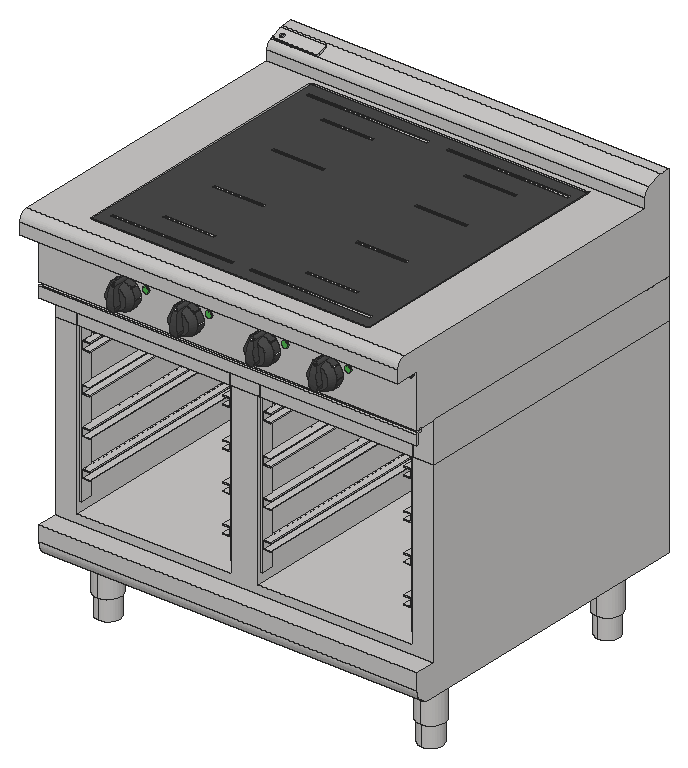
Revit family "QF_Moffat_INL8400F-CB_Induction_Cooktop_cat", category Specialty Equipment, Revit 2019 (continued)
Definition of nested family "Knob"
  Automatic sketch dimensions
    level to Extrusion 3 sketch curve = 5.625 mm
    Extrusion 3 sketch curve to plane 7 "Center Y" = 0 mm  (x2)
    Extrusion 3 sketch curve to plane 7 "Center Y" = 4.999 mm
    Extrusion 3 sketch curve to plane 7 "Center Y" = 10.48 mm
    plane 6 "TOP" to Extrusion 3 sketch curve = 3.477 mm
    plane 3 "LEFT" to Extrusion 3 sketch curve = 10 mm
    Extrusion 3 sketch curve to plane 6 "TOP" = 4.887 mm
    Extrusion 3 sketch curve to Extrusion 3 sketch curve = 4.999 mm
    plane 7 "Center Y" to Extrusion 3 sketch curve = 10.486 mm
    level to Extrusion 3 sketch curve = 20.585 mm
    Extrusion 3 sketch curve to Extrusion 3 sketch curve = 0.387 mm
    Extrusion 3 sketch curve to Extrusion 3 sketch curve = 0.113 mm
    plane 4 "RIGHT" to Extrusion 3 sketch curve = 10 mm
    Extrusion 5 sketch curve to Revolve 1 = 32.49 mm
    Revolve 1 to Extrusion 5 sketch curve = 32.49 mm
    Extrusion 5 sketch curve to Revolve 1 = 23.54 mm  (x2)
    Revolve 1 to Extrusion 5 sketch curve = 23.54 mm  (x2)
    Extrusion 5 sketch curve to Revolve 1 = 24.106 mm  (x2)
    Revolve 1 to Extrusion 5 sketch curve = 24.106 mm  (x2)
    Revolve 1 to Extrusion 5 sketch curve = 22.408 mm  (x2)
    Extrusion 5 sketch curve to Revolve 1 = 22.408 mm  (x2)
    Revolve 1 to Extrusion 5 sketch curve = 22.974 mm  (x2)
    Extrusion 5 sketch curve to Revolve 1 = 22.974 mm  (x2)
    Extrusion 5 sketch curve to Extrusion 5 sketch curve = 1.6 mm  (x2)
    Revolve 1 to Extrusion 5 sketch curve = 0.8 mm
    Extrusion 5 sketch curve to Revolve 1 = 0.8 mm
    Extrusion 4 sketch curve to plane 7 "Center Y" = 0.003 mm
    radius of Extrusion 5 sketch curve to Revolve 1 = 0 mm  (x7)
    radius of Revolve 1 to Extrusion 5 sketch curve = 0.8 mm  (x7)
    radius of Extrusion 4 sketch curve = 2 mm
Definition of nested family "QF_LOGO_Waldorf1"
  Parameters (values of type "QF_LOGO_Waldorf")
    Weight in Pounds = 0
    URL Cutsheet = ""
    Specification by User = ""
    Specification by Manufacturer = ""
    Serial Number = ""
    Seismic Rating = ""
    SMACNA No = ""
    Revision Code = ""
    NAFEM Spec ID Number = ""
    Masterspec = ""
    Length = 138 mm
    Item Number = ""
    Installed By = ""
    Identify Quantity as Lot = yes
    Height = 26.711 mm
    Furnished By = ""
    Foodservice Equipment Identifier = yes
    Depth = 3.175 mm
    CSI MasterFormat = ""
  Reference planes
    plane 1 "BACK": y = 0
    plane 2: z = 0
    plane 3 "LEFT": x = 0
    plane 4 "RIGHT": x = 138
    plane 5 "FRONT": y = -3.175
    plane 6 "TOP": z = 26.711
    plane 7 "Center Y": x = 69
    plane 8 "Center X": y = -1.587
  Forms (mm)
    Extrusion 1, solid
      sketch origin (0, 0, 0) x (1, 0, 0) y (0, 0.920505, 0.390731)
        loop
          line (109, 3.464) -> (109, 23.247)
          spline (109, 23.247) -> (108.966, 23.699) -> (108.864, 24.143) -> (108.696, 24.572) -> (108.464, 24.979) -> (108.173, 25.355) -> (107.828, 25.696) -> (107.435, 25.995) -> (107, 26.247) -> (106.531, 26.447) -> (106.035, 26.593) -> (105.522, 26.681) -> (105, 26.711)
          line (105, 26.711) -> (4, 26.711)
          spline (4, 26.711) -> (3.478, 26.681) -> (2.965, 26.593) -> (2.469, 26.447) -> (2, 26.247) -> (1.565, 25.995) -> (1.172, 25.696) -> (0.827, 25.355) -> (0.536, 24.979) -> (0.304, 24.572) -> (0.136, 24.143) -> (0.034, 23.699) -> (0, 23.247)
          line (0, 23.247) -> (0, 3.464)
          spline (0, 3.464) -> (0.034, 3.012) -> (0.136, 2.568) -> (0.304, 2.138) -> (0.536, 1.732) -> (0.827, 1.355) -> (1.172, 1.015) -> (1.565, 0.716) -> (2, 0.464) -> (2.469, 0.264) -> (2.965, 0.118) -> (3.478, 0.03) -> (4, 0)
          line (4, 0) -> (105, 0)
          spline (105, 0) -> (105.522, 0.03) -> (106.035, 0.118) -> (106.531, 0.264) -> (107, 0.464) -> (107.435, 0.716) -> (107.828, 1.015) -> (108.173, 1.355) -> (108.464, 1.732) -> (108.696, 2.138) -> (108.864, 2.568) -> (108.966, 3.012) -> (109, 3.464)
        loop
          line (14.75, 7.005) -> (14.75, 15.654)
          arc (14.75, 15.654) -> (10.425, 11.329) -> (14.75, 7.005) r 4.325
        loop
          line (15.25, 15.654) -> (15.25, 7.005)
          arc (15.25, 7.005) -> (19.575, 11.329) -> (15.25, 15.654) r 4.325
      from 0 to 3.2
    Extrusion 2, solid
      sketch origin (0, 0, 0) x (1, 0, 0) y (0, 0.920505, 0.390731)
        loop
          line (15.25, 15.654) -> (15.25, 7.005)
          arc (15.25, 7.005) -> (19.575, 11.329) -> (15.25, 15.654) r 4.325
      from 0 to 3.2
    Extrusion 3, solid
      sketch origin (16.271, 0, 0) x (-1, 0, 0) y (0, -0.920505, -0.390731)
        loop
          arc (1.521, -15.654) -> (5.846, -11.329) -> (1.521, -7.005) r 4.325
          line (1.521, -7.005) -> (1.521, -15.654)
      from 0 to 3.2
  Lines and regions (mm)
    Split face 1
      outline origin (0, -1.25, 2.946) x (1, 0, 0) y (0, 0.920505, 0.390731)
        loop
          spline (22.129, 16.975) -> (22.389, 15.984) -> (22.649, 15.002) -> (22.91, 14.028) -> (23.172, 13.065) -> (23.433, 12.11) -> (23.695, 11.166) -> (23.956, 10.232) -> (24.218, 9.308) -> (24.479, 8.396) -> (24.74, 7.495) -> (25, 6.605) -> (25.26, 5.728)
          line (25.26, 5.728) -> (29.463, 5.728)
          spline (29.463, 5.728) -> (29.582, 6.252) -> (29.701, 6.78) -> (29.82, 7.313) -> (29.939, 7.85) -> (30.058, 8.391) -> (30.178, 8.936) -> (30.297, 9.485) -> (30.416, 10.038) -> (30.536, 10.594) -> (30.655, 11.155) -> (30.775, 11.719) -> (30.894, 12.287)
          spline (30.894, 12.287) -> (31.018, 11.719) -> (31.142, 11.155) -> (31.266, 10.594) -> (31.39, 10.038) -> (31.514, 9.485) -> (31.638, 8.936) -> (31.762, 8.391) -> (31.885, 7.85) -> (32.009, 7.313) -> (32.133, 6.78) -> (32.256, 6.252) -> (32.379, 5.728)
          line (32.379, 5.728) -> (36.51, 5.728)
          spline (36.51, 5.728) -> (36.766, 6.605) -> (37.023, 7.495) -> (37.28, 8.396) -> (37.538, 9.308) -> (37.795, 10.232) -> (38.053, 11.166) -> (38.311, 12.11) -> (38.569, 13.065) -> (38.826, 14.028) -> (39.083, 15.002) -> (39.34, 15.984) -> (39.597, 16.975)
          line (39.597, 16.975) -> (35.637, 16.975)
          spline (35.637, 16.975) -> (35.523, 16.334) -> (35.41, 15.697) -> (35.296, 15.063) -> (35.182, 14.433) -> (35.068, 13.807) -> (34.954, 13.185) -> (34.84, 12.566) -> (34.726, 11.952) -> (34.612, 11.342) -> (34.497, 10.737) -> (34.383, 10.135) -> (34.269, 9.538)
          spline (34.269, 9.538) -> (34.138, 10.135) -> (34.008, 10.737) -> (33.877, 11.342) -> (33.746, 11.952) -> (33.616, 12.566) -> (33.485, 13.185) -> (33.354, 13.807) -> (33.224, 14.433) -> (33.093, 15.063) -> (32.963, 15.697) -> (32.833, 16.334) -> (32.703, 16.975)
          line (32.703, 16.975) -> (29.247, 16.975)
          spline (29.247, 16.975) -> (29.111, 16.334) -> (28.974, 15.697) -> (28.837, 15.063) -> (28.7, 14.433) -> (28.562, 13.807) -> (28.425, 13.185) -> (28.288, 12.566) -> (28.15, 11.952) -> (28.013, 11.342) -> (27.875, 10.737) -> (27.738, 10.135) -> (27.6, 9.538)
          spline (27.6, 9.538) -> (27.483, 10.135) -> (27.366, 10.737) -> (27.249, 11.342) -> (27.132, 11.952) -> (27.015, 12.566) -> (26.897, 13.185) -> (26.78, 13.807) -> (26.663, 14.433) -> (26.546, 15.063) -> (26.43, 15.697) -> (26.313, 16.334) -> (26.196, 16.975)
          line (26.196, 16.975) -> (22.129, 16.975)
    Split face 2
      outline origin (0, -1.25, 2.946) x (1, 0, 0) y (0, 0.920505, 0.390731)
        loop
          line (51.449, 5.728) -> (51.035, 6.606) -> (51.035, 11.169)
          spline (51.035, 11.169) -> (50.686, 12.42) -> (50.176, 13.224) -> (49.51, 13.708) -> (48.693, 13.995) -> (47.747, 14.152) -> (46.698, 14.207) -> (45.579, 14.186) -> (44.419, 14.114) -> (43.279, 13.929) -> (42.249, 13.481) -> (41.424, 12.614) -> (40.897, 11.169)
          line (40.897, 11.169) -> (44.617, 11.169) -> (44.988, 11.965)
          spline (44.988, 11.965) -> (47.294, 11.682) -> (46.856, 10.932) -> (45.527, 10.609) -> (43.858, 10.439) -> (42.259, 10.123) -> (41.078, 9.417) -> (40.563, 8.246) -> (40.689, 6.989) -> (41.407, 6.052) -> (42.774, 5.536) -> (44.847, 5.497) -> (47.306, 6.602)
          line (47.306, 6.602) -> (47.624, 5.728) -> (51.449, 5.728)
    Split face 3
      outline origin (0, -1.25, 2.946) x (1, 0, 0) y (0, 0.920505, 0.390731)
        loop
          line (47.264, 9.264) -> (44.938, 8.597)
          spline (44.938, 8.597) -> (44.508, 8.228) -> (44.402, 7.9) -> (44.548, 7.626) -> (44.877, 7.42) -> (45.317, 7.295) -> (45.797, 7.265) -> (46.252, 7.342) -> (46.65, 7.525) -> (46.971, 7.813) -> (47.194, 8.201) -> (47.298, 8.685) -> (47.264, 9.264)
    Split face 4
      outline origin (0, -1.25, 2.946) x (1, 0, 0) y (0, 0.920505, 0.390731)
        loop
          line (53.33, 16.975) -> (53.33, 5.728) -> (57.173, 5.728) -> (57.173, 16.975) -> (53.33, 16.975)
    Split face 5
      outline origin (0, -1.25, 2.946) x (1, 0, 0) y (0, 0.920505, 0.390731)
        loop
          line (65.795, 16.975) -> (65.795, 12.976)
          spline (65.795, 12.976) -> (63.839, 14.082) -> (62.087, 14.096) -> (60.633, 13.343) -> (59.574, 12.148) -> (58.99, 10.806) -> (58.867, 9.452) -> (59.156, 8.159) -> (59.81, 7) -> (60.786, 6.056) -> (62.111, 5.514) -> (63.868, 5.634) -> (66.137, 6.679)
          line (66.137, 6.679) -> (66.137, 5.728) -> (69.511, 5.728) -> (69.511, 16.975) -> (65.795, 16.975)
    Split face 6
      outline origin (0, -1.25, 2.946) x (1, 0, 0) y (0, 0.920505, 0.390731)
        loop
          spline (64.273, 7.499) -> (64.754, 7.57) -> (65.202, 7.777) -> (65.587, 8.106) -> (65.882, 8.535) -> (66.067, 9.034) -> (66.131, 9.57) -> (66.067, 10.106) -> (65.882, 10.605) -> (65.587, 11.034) -> (65.202, 11.363) -> (64.754, 11.57) -> (64.273, 11.64)
          spline (64.273, 11.64) -> (63.793, 11.57) -> (63.345, 11.363) -> (62.96, 11.034) -> (62.665, 10.605) -> (62.479, 10.106) -> (62.416, 9.57) -> (62.479, 9.034) -> (62.665, 8.535) -> (62.96, 8.106) -> (63.345, 7.777) -> (63.793, 7.57) -> (64.273, 7.499)
    Split face 7
      outline origin (0, -1.25, 2.946) x (1, 0, 0) y (0, 0.920505, 0.390731)
        loop
          spline (76.449, 5.305) -> (77.855, 5.457) -> (79.166, 5.901) -> (80.291, 6.607) -> (81.155, 7.527) -> (81.698, 8.599) -> (81.883, 9.749) -> (81.698, 10.899) -> (81.155, 11.97) -> (80.291, 12.891) -> (79.166, 13.597) -> (77.855, 14.041) -> (76.449, 14.192)
          spline (76.449, 14.192) -> (75.042, 14.041) -> (73.731, 13.597) -> (72.606, 12.891) -> (71.742, 11.97) -> (71.199, 10.899) -> (71.014, 9.749) -> (71.199, 8.599) -> (71.742, 7.527) -> (72.606, 6.607) -> (73.731, 5.901) -> (75.042, 5.457) -> (76.449, 5.305)
    Split face 8
      outline origin (0, -1.25, 2.946) x (1, 0, 0) y (0, 0.920505, 0.390731)
        loop
          spline (76.449, 7.654) -> (76.841, 7.725) -> (77.206, 7.934) -> (77.52, 8.267) -> (77.76, 8.701) -> (77.912, 9.206) -> (77.963, 9.749) -> (77.912, 10.291) -> (77.76, 10.796) -> (77.52, 11.23) -> (77.206, 11.563) -> (76.841, 11.772) -> (76.449, 11.843)
          spline (76.449, 11.843) -> (76.057, 11.772) -> (75.691, 11.563) -> (75.378, 11.23) -> (75.137, 10.796) -> (74.986, 10.291) -> (74.934, 9.749) -> (74.986, 9.206) -> (75.137, 8.701) -> (75.378, 8.267) -> (75.691, 7.934) -> (76.057, 7.725) -> (76.449, 7.654)
    Split face 9
      outline origin (0, -1.25, 2.946) x (1, 0, 0) y (0, 0.920505, 0.390731)
        loop
          line (86.998, 12.335) -> (86.998, 13.879) -> (83.479, 13.879) -> (83.479, 5.728) -> (87.312, 5.728) -> (87.312, 8.975)
          spline (87.312, 8.975) -> (87.364, 9.356) -> (87.458, 9.686) -> (87.594, 9.968) -> (87.769, 10.204) -> (87.982, 10.398) -> (88.229, 10.55) -> (88.509, 10.666) -> (88.82, 10.746) -> (89.16, 10.794) -> (89.525, 10.812) -> (89.915, 10.803) -> (90.327, 10.77)
          line (90.327, 10.77) -> (90.327, 14.113)
          spline (90.327, 14.113) -> (89.929, 14.127) -> (89.552, 14.111) -> (89.197, 14.066) -> (88.865, 13.991) -> (88.554, 13.887) -> (88.266, 13.754) -> (87.999, 13.591) -> (87.755, 13.399) -> (87.532, 13.177) -> (87.332, 12.926) -> (87.154, 12.645) -> (86.998, 12.335)
    Split face 10
      outline origin (0, -1.25, 2.946) x (1, 0, 0) y (0, 0.920505, 0.390731)
        loop
          line (92.082, 13.879) -> (90.894, 13.879) -> (90.894, 11.972) -> (92.082, 11.972) -> (92.082, 5.728) -> (95.871, 5.728) -> (95.871, 11.972) -> (97.5, 11.972) -> (97.5, 13.879) -> (95.871, 13.879)
          spline (95.871, 13.879) -> (95.843, 14.088) -> (95.845, 14.278) -> (95.877, 14.447) -> (95.939, 14.596) -> (96.03, 14.726) -> (96.151, 14.835) -> (96.301, 14.925) -> (96.482, 14.995) -> (96.692, 15.045) -> (96.931, 15.075) -> (97.201, 15.085) -> (97.5, 15.076)
          line (97.5, 15.076) -> (97.5, 17.266) -> (95.367, 17.266)
          spline (95.367, 17.266) -> (94.982, 17.253) -> (94.58, 17.21) -> (94.174, 17.132) -> (93.774, 17.013) -> (93.39, 16.846) -> (93.034, 16.627) -> (92.717, 16.349) -> (92.448, 16.007) -> (92.24, 15.595) -> (92.102, 15.106) -> (92.046, 14.537) -> (92.082, 13.879)
  Dimensions and locks
    equal spacing: plane 3 "LEFT", plane 7 "Center Y", plane 4 "RIGHT"
    "Length": plane 3 "LEFT" to plane 4 "RIGHT"
    equal spacing: plane 5 "FRONT", plane 8 "Center X", plane 1 "BACK"
    "Depth": plane 5 "FRONT" to plane 1 "BACK"
    "Height": plane 6 "TOP" to level
    plane 4 "RIGHT" to plane 3 "LEFT" = 138 mm
    aligned and locked: level to plane 2
  Automatic sketch dimensions
    Extrusion 1 sketch curve to plane 3 "LEFT" = 0 mm
    plane 3 "LEFT" to Extrusion 1 sketch curve = 4 mm  (x2)
    Extrusion 1 sketch curve to Extrusion 1 sketch curve = 10.75 mm
    Extrusion 1 sketch curve to Extrusion 1 sketch curve = 0.5 mm
    plane 4 "RIGHT" to Extrusion 1 sketch curve = 33 mm
    Extrusion 1 sketch curve to Extrusion 1 sketch curve = 0 mm  (x3)
    Extrusion 1 sketch curve to Extrusion 1 sketch curve = 4 mm
    Extrusion 1 sketch curve to Extrusion 1 sketch curve = 3.464 mm  (x3)
    Extrusion 1 sketch curve to Extrusion 1 sketch curve = 3.541 mm
    Extrusion 1 sketch curve to Extrusion 1 sketch curve = 4.325 mm
    Extrusion 1 sketch curve to Extrusion 1 sketch curve = 19.783 mm
    Extrusion 1 sketch curve to Extrusion 1 sketch curve = 7.592 mm
    plane 3 "LEFT" to Extrusion 2 sketch curve = 15.25 mm
    Extrusion 2 sketch curve to Extrusion 2 sketch curve = 4.325 mm
    plane 3 "LEFT" to Extrusion 3 sketch curve = 14.75 mm
    Extrusion 3 sketch curve to Extrusion 3 sketch curve = 4.325 mm
    Extrusion 1 to Split face 1 sketch curve = 6.879 mm
    Split face 1 sketch curve to Extrusion 1 = 5.728 mm
    Split face 1 sketch curve to Split face 1 sketch curve = 3.132 mm
    Split face 1 sketch curve to Split face 1 sketch curve = 4.068 mm
    Split face 1 sketch curve to Split face 1 sketch curve = 3.051 mm
    Split face 1 sketch curve to Split face 1 sketch curve = 4.203 mm
    Split face 1 sketch curve to Split face 1 sketch curve = 2.916 mm
    Split face 1 sketch curve to Split face 1 sketch curve = 3.456 mm
    Split face 1 sketch curve to Split face 1 sketch curve = 2.934 mm
    Split face 1 sketch curve to Split face 1 sketch curve = 4.131 mm
    Split face 1 sketch curve to Split face 1 sketch curve = 3.96 mm
    Split face 1 sketch curve to Split face 1 sketch curve = 0 mm  (x2)
    Split face 1 sketch curve to Extrusion 1 = 9.736 mm  (x2)
    Extrusion 1 to Split face 1 sketch curve = 6.337 mm
    Extrusion 1 to Split face 1 sketch curve = 6.231 mm
    Extrusion 1 to Split face 1 sketch curve = 3.184 mm
    Extrusion 1 to Split face 1 sketch curve = 13.135 mm
    Split face 1 sketch curve to Split face 1 sketch curve = 4.652 mm
    Split face 1 sketch curve to Split face 1 sketch curve = 3.593 mm
    Split face 1 sketch curve to Split face 1 sketch curve = 1.863 mm
    Split face 1 sketch curve to Split face 1 sketch curve = 0.713 mm
    Split face 1 sketch curve to Split face 1 sketch curve = 2.684 mm
    Split face 1 sketch curve to Split face 1 sketch curve = 3.294 mm
    Split face 1 sketch curve to Split face 1 sketch curve = 0.459 mm
    Split face 1 sketch curve to Split face 1 sketch curve = 2.775 mm
    Split face 1 sketch curve to Split face 1 sketch curve = 1.89 mm
    Split face 1 sketch curve to Split face 1 sketch curve = 0.685 mm
    Split face 1 sketch curve to Split face 1 sketch curve = 9.486 mm
    Split face 1 sketch curve to Split face 1 sketch curve = 16.213 mm
    Split face 1 sketch curve to Split face 1 sketch curve = 3.48 mm
    Split face 1 sketch curve to Split face 1 sketch curve = 4.918 mm
    Split face 1 sketch curve to Split face 1 sketch curve = 7.609 mm
    Split face 1 sketch curve to Split face 1 sketch curve = 0.01 mm  (x2)
    Split face 1 sketch curve to Split face 1 sketch curve = 0.002 mm
    Split face 2 sketch curve to Extrusion 1 = 11.169 mm
    Extrusion 1 to Split face 2 sketch curve = 25.647 mm
    Split face 2 sketch curve to Split face 2 sketch curve = 3.72 mm
    Split face 2 sketch curve to Extrusion 1 = 11.965 mm
    Split face 2 sketch curve to Split face 2 sketch curve = 0.371 mm
    Split face 2 sketch curve to Extrusion 1 = 6.602 mm
    Split face 2 sketch curve to Split face 2 sketch curve = 2.689 mm
    Split face 2 sketch curve to Split face 2 sketch curve = 0.318 mm
    Split face 2 sketch curve to Split face 2 sketch curve = 3.729 mm
    Split face 2 sketch curve to Split face 2 sketch curve = 0.414 mm
    Split face 2 sketch curve to Split face 2 sketch curve = 0.875 mm
    Split face 2 sketch curve to Split face 2 sketch curve = 0.878 mm
    Split face 3 sketch curve to Extrusion 1 = 8.597 mm
    Extrusion 1 to Split face 3 sketch curve = 29.688 mm
    Split face 3 sketch curve to Extrusion 1 = 9.264 mm
    Split face 3 sketch curve to Split face 3 sketch curve = 2.326 mm
    Split face 4 sketch curve to Extrusion 1 = 5.728 mm
    Extrusion 1 to Split face 4 sketch curve = 38.08 mm
    Split face 4 sketch curve to Split face 4 sketch curve = 3.843 mm
    Split face 4 sketch curve to Extrusion 1 = 9.736 mm
    Split face 5 sketch curve to Extrusion 1 = 9.736 mm
    Split face 5 sketch curve to Extrusion 1 = 43.205 mm
    Split face 5 sketch curve to Extrusion 1 = 6.679 mm
    Split face 5 sketch curve to Split face 5 sketch curve = 0.342 mm
    Split face 5 sketch curve to Split face 5 sketch curve = 3.375 mm
    Split face 5 sketch curve to Split face 5 sketch curve = 0.952 mm
    Split face 5 sketch curve to Split face 5 sketch curve = 3.998 mm
    Split face 6 sketch curve to Extrusion 1 = 7.499 mm
    Split face 6 sketch curve to Extrusion 1 = 44.727 mm
    Split face 6 sketch curve to Split face 6 sketch curve = 2.07 mm
    Split face 7 sketch curve to Extrusion 1 = 5.305 mm
    Split face 7 sketch curve to Extrusion 1 = 32.551 mm
    Split face 7 sketch curve to Split face 7 sketch curve = 4.443 mm
    Split face 8 sketch curve to Extrusion 1 = 7.654 mm
    Split face 8 sketch curve to Extrusion 1 = 32.551 mm
    Split face 8 sketch curve to Split face 8 sketch curve = 2.095 mm
    Split face 9 sketch curve to Extrusion 1 = 5.728 mm
    Split face 9 sketch curve to Extrusion 1 = 25.521 mm
    Split face 9 sketch curve to Split face 9 sketch curve = 3.519 mm
    Split face 9 sketch curve to Split face 9 sketch curve = 0.315 mm
    Split face 9 sketch curve to Split face 9 sketch curve = 3.33 mm
    Split face 9 sketch curve to Split face 9 sketch curve = 3.248 mm
    Split face 9 sketch curve to Split face 9 sketch curve = 1.795 mm
    Split face 9 sketch curve to Split face 9 sketch curve = 3.36 mm
    Split face 9 sketch curve to Split face 9 sketch curve = 1.545 mm
    Split face 9 sketch curve to Split face 9 sketch curve = 0.233 mm
    Split face 10 sketch curve to Extrusion 1 = 18.106 mm
    Split face 10 sketch curve to Split face 10 sketch curve = 1.188 mm  (x2)
    Split face 10 sketch curve to Split face 10 sketch curve = 3.285 mm
    Split face 10 sketch curve to Split face 10 sketch curve = 3.789 mm
    Split face 10 sketch curve to Split face 10 sketch curve = 0 mm  (x2)
    Split face 10 sketch curve to Split face 10 sketch curve = 1.629 mm
    Split face 10 sketch curve to Split face 10 sketch curve = 2.133 mm
    Split face 10 sketch curve to Extrusion 1 = 5.728 mm
    Split face 10 sketch curve to Split face 10 sketch curve = 6.245 mm
    Split face 10 sketch curve to Split face 10 sketch curve = 1.907 mm  (x2)
    Split face 10 sketch curve to Split face 10 sketch curve = 1.197 mm
    Split face 10 sketch curve to Split face 10 sketch curve = 2.19 mm
Types (2, lengths in mm): name | Volts | Cycle
  INL8400F-CB_415/60/3 | 415 V | 60 Hz
  INL8400F-CB_400/50/3 | 400 V | 50 Hz
